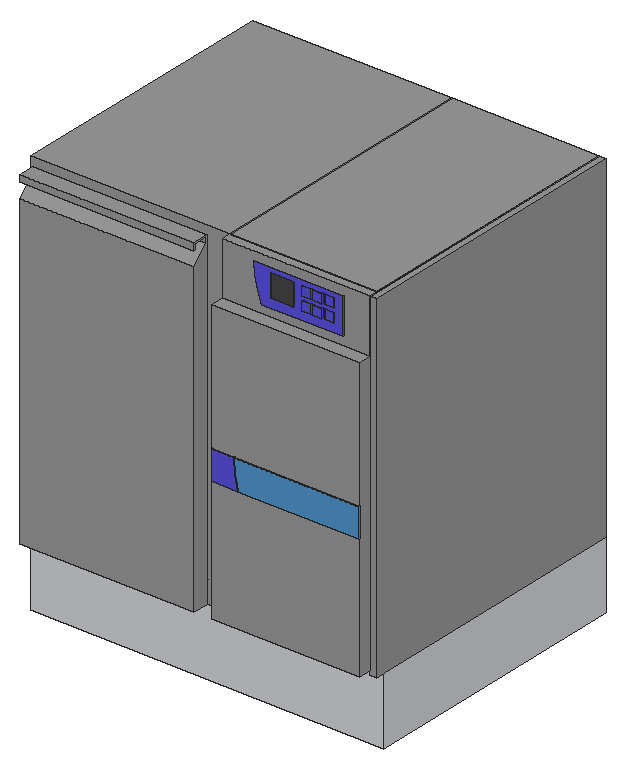
Revit family "Kühltische GN1-1 - Eigen", category Sonderausstattung, Revit 2015
Parameters (values of type "760x790 1-türig")
  Öffnungstiefe = Korpus Tiefe - Rückwand Stärke - 100 mm  # 470 mm
  Öffnungssymbol Grundriss [instance] = yes
  Watt = 440 W
  Wand unten Stärke = 50 mm  # constant formula
  Wand oben Stärke = 50 mm  # constant formula
  Versatz bei Sockel oder Füße [instance] = if(or(Sockel, Füße), 150 mm, 0 mm)  # 150 mm
  Versatz Tür zu Seitenteil = 40 mm
  Türen Stärke = 50 mm  # constant formula
  Türen Lücke = 20 mm
  Türen Höhe = Korpus Höhe - 20 mm  # 740 mm
  Türen Breite = 390 mm
  Türen Anzahl = 1
  Türen Breite halb = Türen Breite / 2  # 195 mm
  Tür_4 = no
  Tür_3 = no
  Tür_2 = no
  Tür_1 = yes
  Tür 4 [instance] = Türen 1 : 1-fach
  Tür 3 [instance] = Türen 1 : 1-fach
  Tür 2 [instance] = Türen 1 : 1-fach
  Tür 1 [instance] = Türen 1 : 1-fach
  Tiefe [instance] = if(Deckplatte, Platte Tiefe, Korpus Tiefe + Türen Stärke)  # 670 mm
  Temp. Bereich = "-2°C bis +10°C"
  Spannung = 230 V
  Sockelhöhe = 150 mm  # constant formula
  Sockel [instance] = yes
  Seitenwand Stärke = 50 mm  # constant formula
  Seitenteilwand Stärke = 15 mm  # constant formula
  Seitenteil Breite = 330 mm
  Scheinleistung = 0 VA
  Pole = 1
  Platte Tiefe = 700 mm  # constant formula
  Platte Stärke = 50 mm
  Pfosten Tiefe = 50 mm  # constant formula
  Rückwand Stärke = 50 mm  # constant formula
  Pfosten Breite = 100 mm  # constant formula
  Pfosten Anzahl = 0
  Pfosten Abstand = Türen Breite + (Türen Lücke / 2)  # 400 mm
  Pfosten 3 = no
  Pfosten 2 = no
  Pfosten 1 = no
  Material = Edelstahl AISI 304
  Kältemittel = "R290"
  Kälteleistung = "380 Watt -15°C VT/+32°C UT"
  Korpus Tiefe = Platte Tiefe - 50 mm - 30 mm  # 620 mm
  Korpus Höhe = 760 mm
  Korpus Breite = Breite - Seitenteil Breite - Seitenteilwand Stärke  # 445 mm
  Kapazität = "1 x 11 x GN1/1"
  Höhe Elektroanschluss = 150 mm
  Höhe [instance] = if(Deckplatte, Korpus Höhe + Versatz bei Sockel oder Füße + Platte Stärke, Korpus Höhe + Versatz bei Sockel oder Füße)  # 910 mm
  Füße Strg [instance] = and(Füße, not(Sockel))  # no
  Füße [instance] = no
  Energieverbrauch = "2,6 kWh/24 h"
  Deckplatte [instance] = no
  Breite = 790 mm
  Aufkantung Stärke = 6 mm
  Aufkantung Strg [instance] = and(Deckplatte, Aufkantung)  # no
  Aufkantung Höhe = 50 mm
  Aufkantung [instance] = no
  Artnr ohne Platte = "KTM 711170-76"
  Artnr mit Platte und Aufkantung = "KTM 711171-76"
  Artnr mit Platte = "KTM 711172-76"
  Artikelnr. [instance] = if(and(Deckplatte, not(Aufkantung)), Artnr mit Platte, if(and(Deckplatte, Aufkantung), Artnr mit Platte und Aufkantung, Artnr ohne Platte))  # "KTM 711170-76"
  Abstand Logo = (Korpus Höhe - 120 mm) / 2  # 320 mm
  Abstand Display seitlich = 60 mm
Types (24, lengths in mm): name | Watt | Versatz bei Sockel oder Füße | Versatz Tür zu Seitenteil | Türen Lücke | Türen Höhe | Türen Breite | Türen Anzahl | Türen Breite halb | Tür_4 | Tür_3 | Tür_2 | Tiefe | Sockel | Seitenteil Breite | Platte Stärke | Pfosten Anzahl | Pfosten Abstand | Pfosten 3 | Pfosten 2 | Pfosten 1 | Kälteleistung | Korpus Höhe | Korpus Breite | Kapazität | Höhe | Energieverbrauch | Deckplatte | Breite | Aufkantung Strg | Aufkantung Höhe | Aufkantung | Artnr ohne Platte | Artnr mit Platte und Aufkantung | Artnr mit Platte | Artikelnr. | Abstand Logo
  435x1250 2-türig | 460 W | 150 | 20 | 20 | 415 | 430 | 2 | 215 | no | no | yes | 700 | yes | 320 | 20 | 1 | 440 | no | no | yes | "380 Watt -15°C VT/+32°C UT" | 435 | 915 | "2 x 6 x GN 1/1" | 605 | "2,5 kWh/24 h" | yes | 1250 | yes | 20 | yes | "KTM 721140" | "KTM 721141" | "KTM 721142" | "KTM 721141" | 157.5
  435x1400 2-türig | 460 W | 150 | 20 | 20 | 415 | 505 | 2 | 252.5 | no | no | yes | 700 | yes | 320 | 20 | 1 | 515 | no | no | yes | "380 Watt -15°C VT/+32°C UT" | 435 | 1065 | "2 x 6 x GN 1/1" | 605 | "2,5 kWh/24 h" | yes | 1400 | yes | 20 | yes | "KTM 721140-C" | "KTM 721141-C" | "KTM 721142-C\r\nKTM 721142-C" | "KTM 721141-C" | 157.5
  435x1725 3-türig | 460 W | 150 | 25 | 30 | 415 | 430 | 3 | 215 | no | yes | yes | 700 | yes | 320 | 20 | 2 | 445 | no | yes | yes | "380 Watt -15°C VT/+32°C UT" | 435 | 1390 | "3 x 6 x GN 1/1" | 605 | "3,0 kWh/24 h" | yes | 1725 | yes | 20 | yes | "KTM 731140" | "KTM 731141" | "KTM 731142" | "KTM 731141" | 157.5
  435x1800 3-türig | 460 W | 150 | 25 | 30 | 415 | 455 | 3 | 227.5 | no | yes | yes | 700 | yes | 320 | 20 | 2 | 470 | no | yes | yes | "380 Watt -15°C VT/+32°C UT" | 435 | 1465 | "3 x 6 x GN 1/1" | 605 | "3,0 kWh/24 h" | yes | 1800 | yes | 20 | yes | "KTM 731140-C" | "KTM 731141-C" | "KTM 731142-C" | "KTM 731141-C" | 157.5
  650x790 1-türig | 440 W | 150 | 40 | 20 | 630 | 390 | 1 | 195 | no | no | no | 700 | yes | 330 | 50 | 0 | 400 | no | no | no | "380 Watt -15°C VT/+32°C UT" | 650 | 445 | "1 x 9 x GN1/1" | 850 | "2,5 kWh/24 h" | yes | 790 | yes | 50 | yes | "KTM 711160" | "KTM 711161" | "KTM 711162" | "KTM 711161" | 265
  650x1250 2-türig | 440 W | 150 | 20 | 20 | 630 | 430 | 2 | 215 | no | no | yes | 700 | yes | 320 | 50 | 1 | 440 | no | no | yes | "380 Watt -10°C VT/+32°C UT" | 650 | 915 | "2 x 9 x GN1/1" | 850 | "2,7 kWh/24 h" | yes | 1250 | yes | 50 | yes | "KTM 721160" | "KTM 721161" | "KTM 721162" | "KTM 721161" | 265
  650x1725 3-türig | 460 W | 150 | 25 | 30 | 630 | 430 | 3 | 215 | no | yes | yes | 700 | yes | 320 | 50 | 2 | 445 | no | yes | yes | "380 Watt -15°C VT/+32°C UT" | 650 | 1390 | "3 x 9 x GN1/1" | 850 | "3,2 kWh/24 h" | yes | 1725 | yes | 50 | yes | "KTM 731160" | "KTM 731161" | "KTM 731162\r\nKTM 731162" | "KTM 731161" | 265
  650x2195 4-türig | 480 W | 0 | 35 | 30 | 630 | 430 | 4 | 215 | yes | yes | yes | 700 | no | 320 | 50 | 3 | 445 | yes | yes | yes | "380 Watt -15°C VT/+32°C UT" | 650 | 1860 | "4 x 9 x GN1/1" | 700 | "3,5 kWh/24 h" | yes | 2195 | yes | 50 | yes | "KTM 741160" | "KTM 741161" | "KTM 741162" | "KTM 741161" | 265
  700x790 1-türig | 440 W | 150 | 40 | 20 | 680 | 390 | 1 | 195 | no | no | no | 700 | yes | 330 | 50 | 0 | 400 | no | no | no | "380 Watt -15°C VT/+32°C UT" | 700 | 445 | "1 x 10 x GN1/1" | 900 | "2,55 kWh/24 h" | yes | 790 | yes | 50 | yes | "KTM 711170-70" | "KTM 711171-70" | "KTM 711172-70" | "KTM 711171-70" | 290
  700x1250 2-türig | 440 W | 150 | 20 | 20 | 680 | 430 | 2 | 215 | no | no | yes | 700 | yes | 320 | 50 | 1 | 440 | no | no | yes | "380 Watt -10°C VT/+32°C UT" | 700 | 915 | "2 x 10 x GN1/1" | 900 | "2,75 kWh/24 h" | yes | 1250 | yes | 50 | yes | "KTM 721170-70" | "KTM 721171-70" | "KTM 721172-70" | "KTM 721171-70" | 290
  700x1725 3-türig | 460 W | 150 | 25 | 30 | 680 | 430 | 3 | 215 | no | yes | yes | 700 | yes | 320 | 50 | 2 | 445 | no | yes | yes | "380 Watt -15°C VT/+32°C UT" | 700 | 1390 | "3 x 10 x GN1/1" | 900 | "3,25 kWh/24 h" | yes | 1725 | yes | 50 | yes | "KTM 731170-70" | "KTM 731171-70" | "KTM 731172-70" | "KTM 731171-70" | 290
  700x2195 4-türig | 480 W | 150 | 35 | 30 | 680 | 430 | 4 | 215 | yes | yes | yes | 700 | yes | 320 | 50 | 3 | 445 | yes | yes | yes | "380 Watt -15°C VT/+32°C UT" | 700 | 1860 | "4 x 10 x GN1/1" | 900 | "3,55 kWh/24 h" | yes | 2195 | yes | 50 | yes | "KTM 741170-70" | "KTM 741171-70" | "KTM 741172-70" | "KTM 741171-70" | 290
  710x790 1-türig | 440 W | 150 | 40 | 20 | 690 | 390 | 1 | 195 | no | no | no | 670 | yes | 330 | 50 | 0 | 400 | no | no | no | "380 Watt -15°C VT/+32°C UT" | 710 | 445 | "1 x 10 x GN1/1" | 860 | "2,55 kWh/24 h" | no | 790 | no | 50 | no | "KTM 711170-71" | "KTM 711171-71" | "KTM 711172-71" | "KTM 711170-71" | 295
  710x1250 2-türig | 440 W | 150 | 20 | 20 | 690 | 430 | 2 | 215 | no | no | yes | 670 | yes | 320 | 50 | 1 | 440 | no | no | yes | "380 Watt -10°C VT/+32°C UT" | 710 | 915 | "2 x 10 x GN1/1" | 860 | "2,75 kWh/24 h" | no | 1250 | no | 50 | no | "KTM 721170-71" | "KTM 721171-71" | "KTM 721172-71" | "KTM 721170-71" | 295
  710x1725 3-türig | 460 W | 150 | 25 | 30 | 690 | 430 | 3 | 215 | no | yes | yes | 670 | yes | 320 | 50 | 2 | 445 | no | yes | yes | "380 Watt -15°C VT/+32°C UT" | 710 | 1390 | "3 x 10 x GN1/1" | 860 | "3,25 kWh/24 h" | no | 1725 | no | 50 | no | "KTM 731170-71" | "KTM 731171-71" | "KTM 731172-71" | "KTM 731170-71" | 295
  710x2195 4-türig | 480 W | 150 | 35 | 30 | 690 | 430 | 4 | 215 | yes | yes | yes | 670 | yes | 320 | 50 | 3 | 445 | yes | yes | yes | "380 Watt -15°C VT/+32°C UT" | 710 | 1860 | "4 x 10 x GN1/1" | 860 | "3,55 kWh/24 h" | no | 2195 | no | 50 | no | "KTM 741170-71" | "KTM 741171-71" | "KTM 741172-71" | "KTM 741170-71" | 295
  750x2195 4-türig | 480 W | 150 | 35 | 30 | 730 | 430 | 4 | 215 | yes | yes | yes | 700 | yes | 320 | 50 | 3 | 445 | yes | yes | yes | "380 Watt -15°C VT/+32°C UT" | 750 | 1860 | "4 x 11 x GN1/1" | 950 | "3,6 kWh/24 h" | yes | 2195 | yes | 50 | yes | "KTM 741170" | "KTM 741171" | "KTM 741172" | "KTM 741171" | 315
  750x790 1-türig | 440 W | 150 | 40 | 20 | 730 | 390 | 1 | 195 | no | no | no | 700 | yes | 330 | 50 | 0 | 400 | no | no | no | "380 Watt -15°C VT/+32°C UT" | 750 | 445 | "1 x 11 x GN1/1" | 950 | "2,6 kWh/24 h" | yes | 790 | yes | 50 | yes | "KTM 711170" | "KTM 711171" | "KTM 711172" | "KTM 711171" | 315
  750x1725 3-türig | 460 W | 150 | 25 | 30 | 730 | 430 | 3 | 215 | no | yes | yes | 700 | yes | 320 | 50 | 2 | 445 | no | yes | yes | "380 Watt -15°C VT/+32°C UT" | 750 | 1390 | "3 x 11 x GN1/1" | 950 | "3,3 kWh/24 h" | yes | 1725 | yes | 50 | yes | "KTM 731170" | "KTM 731171" | "KTM 731172" | "KTM 731171" | 315
  750x1250 2-türig | 440 W | 150 | 20 | 20 | 730 | 430 | 2 | 215 | no | no | yes | 700 | yes | 320 | 50 | 1 | 440 | no | no | yes | "380 Watt -10°C VT/+32°C UT" | 750 | 915 | "2 x 11 x GN1/1" | 950 | "2,8 kWh/24 h" | yes | 1250 | yes | 50 | yes | "KTM 721170" | "KTM 721171" | "KTM 721172" | "KTM 721171" | 315
  760x790 1-türig | 440 W | 150 | 40 | 20 | 740 | 390 | 1 | 195 | no | no | no | 670 | yes | 330 | 50 | 0 | 400 | no | no | no | "380 Watt -15°C VT/+32°C UT" | 760 | 445 | "1 x 11 x GN1/1" | 910 | "2,6 kWh/24 h" | no | 790 | no | 50 | no | "KTM 711170-76" | "KTM 711171-76" | "KTM 711172-76" | "KTM 711170-76" | 320
  760x1250 2-türig | 440 W | 150 | 20 | 20 | 740 | 430 | 2 | 215 | no | no | yes | 670 | yes | 320 | 50 | 1 | 440 | no | no | yes | "380 Watt -10°C VT/+32°C UT" | 760 | 915 | "2 x 11 x GN1/1" | 910 | "2,8 kWh/24 h" | no | 1250 | no | 50 | no | "KTM 721170-76" | "KTM 721171-76" | "KTM 721172-76" | "KTM 721170-76" | 320
  760x1725 3-türig | 460 W | 150 | 25 | 30 | 740 | 430 | 3 | 215 | no | yes | yes | 670 | yes | 320 | 50 | 2 | 445 | no | yes | yes | "380 Watt -15°C VT/+32°C UT" | 760 | 1390 | "3 x 11 x GN1/1" | 910 | "3,3 kWh/24 h" | no | 1725 | no | 50 | no | "KTM 731170-76" | "KTM 731171-76" | "KTM 731172-76" | "KTM 731170-76" | 320
  760x2195 4-türig | 480 W | 150 | 35 | 30 | 740 | 430 | 4 | 215 | yes | yes | yes | 670 | yes | 320 | 50 | 3 | 445 | yes | yes | yes | "380 Watt -15°C VT/+32°C UT" | 760 | 1860 | "4 x 11 x GN1/1" | 910 | "3,6 kWh/24 h" | no | 2195 | no | 50 | no | "KTM 741170-76" | "KTM 741171-76" | "KTM 741172-76" | "KTM 741170-76" | 320
Reference planes
  plane 1 "Mitte (Vorne/Hinten)": y = 0
  plane 2: z = 0
  plane 3 "Mitte (Links/Rechts)": x = 0
  plane 4: x = -15
  plane 5: x = -345
  plane 6: x = -395
  plane 7: x = -735
  plane 8: x = -785
  plane 9: x = -835
  plane 10: x = -1145
  plane 11: x = -1195
  plane 12: x = -1245
  plane 13: x = -1555
  plane 14: x = -1605
  plane 15: x = -1655
  plane 16: x = -740
  plane 17 "SR": x = -790
  plane 18: y = -50
  plane 19: y = -570
  plane 20: y = -620
  plane 21 "Korpus unten": z = 150
  plane 22: z = 200
  plane 23: z = 860
  plane 24: z = 910
  plane 25: z = 960
  plane 26: z = 1010
  plane 27: z = 150
  plane 28 "Türen": z = 160
  plane 29: z = 790
  plane 30: y = -15
  plane 31: y = -700
  plane 32: x = -775
  plane 33: x = -385
  plane 34: y = -6
  plane 35: x = -1810
  plane 36: x = -1400
  plane 37: x = -990
  plane 38: x = -580
  plane 39 "Display": y = -640
  plane 40 "Logo": y = -670
  plane 41: x = -228
  plane 42: y = -120
  plane 43: z = 502.5
  plane 44: z = 437.5
  plane 45: z = 470
  plane 46: x = -775
  plane 47: x = -1185
  plane 48: x = -1595
  plane 49: x = -795
  plane 50: x = -1205
  plane 51: x = -1615
  plane 52: x = -710
  plane 53: y = -80
  plane 54: y = -578
  plane 55: x = -373
  plane 56 "Elektro": z = 150
Forms (mm)
  Extrusion 1, solid, material "Edelstahl AISI 304" <- "Material", visible <- "Pfosten 3", detail levels fine
    sketch origin (0, 0, 0) x (1, 0, 0) y (0, 1, 0)
      loop
        line (-1655, -570) -> (-1655, -620) -> (-1555, -620) -> (-1555, -570) -> (-1655, -570)
    from 200 to 860
  Extrusion 2, solid, material "Edelstahl AISI 304" <- "Material", visible <- "Pfosten 2", detail levels fine
    sketch origin (0, 0, 0) x (1, 0, 0) y (0, 1, 0)
      loop
        line (-1245, -620) -> (-1145, -620) -> (-1145, -570) -> (-1245, -570) -> (-1245, -620)
    from 200 to 860
  Extrusion 3, solid, material "Edelstahl AISI 304" <- "Material", visible <- "Pfosten 1", detail levels fine
    sketch origin (0, 0, 0) x (1, 0, 0) y (0, 1, 0)
      loop
        line (-835, -620) -> (-735, -620) -> (-735, -570) -> (-835, -570) -> (-835, -620)
    from 200 to 860
  Extrusion 4, solid, material "Edelstahl AISI 304" <- "Material", detail levels fine
    sketch origin (0, 0, 0) x (1, 0, 0) y (0, 0, 1)
      loop
        line (-345, 150) -> (-345, 910) -> (-790, 910) -> (-790, 150) -> (-345, 150)
      loop
        line (-740, 860) -> (-740, 200) -> (-395, 200) -> (-395, 860) -> (-740, 860)
    from 0 to 620
  Extrusion 5, solid, material "Edelstahl AISI 304" <- "Material", detail levels fine
    sketch origin (0, 0, 0) x (1, 0, 0) y (0, 0, 1)
      loop
        line (-740, 860) -> (-740, 200) -> (-395, 200) -> (-395, 860) -> (-740, 860)
    from 0 to 50
  Extrusion 6, solid, material "Edelstahl AISI 304" <- "Material", visible <- "Füße Strg", detail levels medium+fine
    sketch origin (0, 0, 0) x (1, 0, 0) y (0, 1, 0)
      loop
        circle (-710, -80) r 20
      loop
        circle (-710, -578) r 20
      loop
        circle (-373, -578) r 20
      loop
        circle (-373, -80) r 20
    from 0 to 150
  Extrusion 7, solid, visible <- "Sockel", detail levels medium+fine
    sketch origin (0, 0, 0) x (1, 0, 0) y (0, 1, 0)
      loop
        line (-790, 0) -> (-790, -620) -> (0, -620) -> (0, 0) -> (-790, 0)
    from 0 to 150
  Extrusion 8, solid, material "Edelstahl AISI 304" <- "Material", detail levels medium+fine
    sketch origin (0, 0, 0) x (1, 0, 0) y (0, 1, 0)
      loop
        line (-345, 0) -> (-345, -620) -> (-15, -620) -> (-15, 0) -> (-345, 0)
    from 150 to 910
  Extrusion 9, solid, material "Edelstahl AISI 304" <- "Material", detail levels medium+fine
    sketch origin (0, 0, 0) x (1, 0, 0) y (0, 1, 0)
      loop
        line (-15, 0) -> (-15, -640) -> (0, -640) -> (0, 0) -> (-15, 0)
    from 150 to 910
  Extrusion 10, solid, material "Edelstahl AISI 304" <- "Material", visible <- "Deckplatte", detail levels medium+fine
    sketch origin (0, 0, 0) x (1, 0, 0) y (0, 1, 0)
      loop
        line (-790, 0) -> (-790, -700) -> (0, -700) -> (0, 0) -> (-790, 0)
    from 910 to 960
  Extrusion 11, solid, material "Edelstahl AISI 304" <- "Material", visible <- "Aufkantung Strg", detail levels fine
    sketch origin (0, 0, 0) x (1, 0, 0) y (0, 1, 0)
      loop
        line (-790, 0) -> (-790, -6) -> (0, -6) -> (0, 0) -> (-790, 0)
    from 960 to 1010
  Extrusion 12, solid, material "Edelstahl AISI 304" <- "Material", detail levels medium+fine
    sketch origin (0, 0, 0) x (1, 0, 0) y (0, 0, 1)
      loop
        line (-15, 160) -> (-15, 790) -> (-345, 790) -> (-345, 160) -> (-15, 160)
    from 620 to 670
  Extrusion 13, solid, material "Edelstahl AISI 304" <- "Material", detail levels medium+fine
    sketch origin (0, 0, 0) x (1, 0, 0) y (0, 0, 1)
      loop
        line (-345, 910) -> (-345, 790) -> (-15, 790) -> (-15, 910) -> (-345, 910)
    from 620 to 640
  Extrusion 14, solid, material "Logo Blau Dunkel", detail levels fine
    sketch origin (0, -640, 0) x (-1, 0, 0) y (0, 0, 1)
      loop
        line (275, 890) -> (75, 890) -> (75, 810) -> (255, 810)
        arc (255, 810) -> (269.844, 848.789) -> (275, 890) r 172.745
      loop
        line (235, 880) -> (185, 880) -> (185, 830) -> (235, 830) -> (235, 880)
      loop
        line (165, 880) -> (145, 880) -> (145, 860) -> (165, 860) -> (165, 880)
      loop
        line (140, 880) -> (120, 880) -> (120, 860) -> (140, 860) -> (140, 880)
      loop
        line (115, 880) -> (95, 880) -> (95, 860) -> (115, 860) -> (115, 880)
      loop
        line (165, 830) -> (165, 850) -> (145, 850) -> (145, 830) -> (165, 830)
      loop
        line (140, 830) -> (140, 850) -> (120, 850) -> (120, 830) -> (140, 830)
      loop
        line (115, 830) -> (115, 850) -> (95, 850) -> (95, 830) -> (115, 830)
    from 0 to -2
  Extrusion 15, solid, material "Logo Blau Hell", detail levels fine
    sketch origin (0, -670, 0) x (-1, 0, 0) y (0, 0, 1)
      loop
        line (295, 502.5) -> (15, 502.5) -> (15, 437.5) -> (285, 437.5)
        arc (285, 437.5) -> (292.724, 469.581) -> (295, 502.5) r 197.504
    from 0 to -2
  Extrusion 16, solid, material "Logo Blau Dunkel", detail levels fine
    sketch origin (0, -670, 0) x (-1, 0, 0) y (0, 0, 1)
      loop
        line (285, 437.5) -> (345, 437.5) -> (345, 502.5) -> (295, 502.5)
        arc (295, 502.5) -> (292.724, 469.581) -> (285, 437.5) r 197.504
    from 0 to -2
  Extrusion 17, solid, not visible
    sketch origin (0, 0, 150) x (0, -1, 0) y (1, 0, 0)
      loop
        circle (120, -228) r 20
    from 0 to 2
  Extrusion 18, solid, material "Display", detail levels fine
    sketch origin (0, -640, 0) x (-1, 0, 0) y (0, 0, 1)
      loop
        line (235, 880) -> (185, 880) -> (185, 830) -> (235, 830) -> (235, 880)
    from 0 to -2
  Extrusion 19, solid, material "Knöpfe", detail levels fine
    sketch origin (0, -640, 0) x (-1, 0, 0) y (0, 0, 1)
      loop
        line (165, 880) -> (145, 880) -> (145, 860) -> (165, 860) -> (165, 880)
      loop
        line (165, 850) -> (145, 850) -> (145, 830) -> (165, 830) -> (165, 850)
      loop
        line (140, 830) -> (140, 850) -> (120, 850) -> (120, 830) -> (140, 830)
      loop
        line (140, 860) -> (140, 880) -> (120, 880) -> (120, 860) -> (140, 860)
      loop
        line (115, 880) -> (95, 880) -> (95, 860) -> (115, 860) -> (115, 880)
      loop
        line (115, 850) -> (95, 850) -> (95, 830) -> (115, 830) -> (115, 850)
    from 0 to -3
  Extrusion 20, solid, material "Edelstahl AISI 304" <- "Material", detail levels medium
    sketch origin (0, 0, 150) x (-1, 0, 0) y (0, -1, 0)
      loop
        line (790, 0) -> (790, 620) -> (345, 620) -> (345, 0) -> (790, 0)
    from 760 to -2
  Extrusion 21, solid, material "Edelstahl AISI 304" <- "Material", detail levels coarse
    sketch origin (0, 0, 0) x (1, 0, 0) y (0, 1, 0)
      loop
        line (-790, 0) -> (-790, -700) -> (0, -700) -> (0, 0) -> (-790, 0)
    from 960 to -2
Dimensions and locks
  "Rückwand Stärke": plane 18 to plane 1 "Mitte (Vorne/Hinten)"
  "Pfosten Tiefe": plane 19 to plane 20
  "Korpus Tiefe": plane 20 to plane 1 "Mitte (Vorne/Hinten)"
  "Seitenwand Stärke": plane 5 to plane 6
  "Seitenwand Stärke": plane 16 to plane 17 "SR"
  "Seitenteilwand Stärke": plane 3 "Mitte (Links/Rechts)" to plane 4
  "Seitenteil Breite": plane 4 to plane 5
  "Breite": plane 3 "Mitte (Links/Rechts)" to plane 17 "SR"
  "Wand unten Stärke": plane 22 to plane 21 "Korpus unten"
  "Aufkantung Höhe": plane 26 to plane 25
  "Platte Stärke": plane 25 to plane 24
  "Wand oben Stärke": plane 24 to plane 23
  "Korpus Höhe": plane 24 to plane 21 "Korpus unten"
  "Versatz bei Sockel oder Füße": plane 21 "Korpus unten" to level
  "Sockelhöhe": plane 27 to level
  locked: plane 28 "Türen" to plane 21 "Korpus unten" at 10
  locked: plane 24 to plane 29 at 120
  "Seitenteilwand Stärke": plane 30 to plane 1 "Mitte (Vorne/Hinten)"
  "Platte Tiefe": plane 31 to plane 1 "Mitte (Vorne/Hinten)"
  locked: plane 32 to plane 17 "SR" at 15
  "Versatz Tür zu Seitenteil": plane 5 to plane 33
  "Aufkantung Stärke": plane 34 to plane 1 "Mitte (Vorne/Hinten)"
  locked: plane 20 to plane 39 "Display" at 20
  "Türen Stärke": plane 20 to plane 40 "Logo"
  locked: plane 41 to plane 3 "Mitte (Links/Rechts)" at 228
  locked: plane 24 to Extrusion 14 sketch curve at 20
  locked: Extrusion 14 sketch curve to plane 29 at 20
  locked: Extrusion 14 sketch curve to Extrusion 14 sketch curve at 10
  locked: Extrusion 14 sketch curve to Extrusion 14 sketch curve at 20  (x3)
  locked: plane 43 to plane 44 at 65
  "Abstand Logo": plane 29 to plane 45
  locked: Extrusion 15 sketch curve to plane 5 at 50
  locked: Extrusion 15 sketch curve to plane 5 at 60
  equal spacing: plane 43, plane 45, plane 44
  plane 29 to plane 43 = 287.5 mm
  "Türen Breite halb": plane 33 to plane 38
  "Türen Lücke": plane 46 to plane 49
  "Türen Lücke": plane 47 to plane 50
  "Türen Lücke": plane 48 to plane 51
  "Türen Breite halb": plane 49 to plane 37
  "Türen Breite halb": plane 50 to plane 36
  "Türen Breite halb": plane 51 to plane 35
  "Türen Breite": plane 33 to plane 46
  "Türen Breite": plane 49 to plane 47
  "Türen Breite": plane 50 to plane 48
  equal spacing: plane 7, plane 8, plane 9
  equal spacing: plane 10, plane 11, plane 12
  equal spacing: plane 13, plane 14, plane 15
  "Pfosten Breite": plane 13 to plane 15
  "Pfosten Breite": plane 10 to plane 12
  "Pfosten Breite": plane 7 to plane 9
  "Pfosten Abstand": plane 33 to plane 8
  "Pfosten Abstand": plane 49 to plane 11
  "Pfosten Abstand": plane 50 to plane 14
  "Abstand Display seitlich": plane 4 to Extrusion 14 sketch curve
  locked: Extrusion 14 sketch curve to Extrusion 14 sketch curve at 200
  locked: Extrusion 14 sketch curve to Extrusion 14 sketch curve at 180
  Extrusion 14 sketch curve to Extrusion 14 sketch curve to Extrusion 14 sketch curve to Extrusion 14 sketch curve to Extrusion 14 sketch curve to Extrusion 14 sketch curve to Extrusion 14 sketch curve to Extrusion 14 sketch curve to Extrusion 14 sketch curve = 50 mm locked, 20 mm locked, 20 mm locked, 5 mm locked, 20 mm locked, 5 mm locked, 20 mm locked, 20 mm locked
  locked: plane 42 to plane 1 "Mitte (Vorne/Hinten)" at 120
  locked: plane 17 "SR" to plane 52 at 80
  locked: plane 53 to plane 1 "Mitte (Vorne/Hinten)" at 80
  locked: plane 54 to plane 20 at 42
  locked: plane 55 to plane 3 "Mitte (Links/Rechts)" at 373
  "Höhe Elektroanschluss": plane 56 "Elektro" to level
  aligned and locked: level to plane 2
  aligned and locked: plane 23 to Extrusion 3
  aligned and locked: plane 23 to Extrusion 1
  aligned and locked: plane 23 to Extrusion 2
  aligned and locked: Extrusion 4 to plane 20
  aligned and locked: Extrusion 3 to plane 22
  aligned and locked: Extrusion 2 to plane 22
  aligned and locked: Extrusion 1 to plane 22
  aligned and locked: Extrusion 5 to plane 18
  aligned and locked: plane 27 to Extrusion 6
  aligned and locked: plane 27 to Extrusion 7
  aligned and locked: plane 24 to Extrusion 8
  aligned and locked: Extrusion 8 to plane 21 "Korpus unten"
  aligned and locked: plane 24 to Extrusion 9
  aligned and locked: Extrusion 9 to plane 21 "Korpus unten"
  aligned and locked: plane 25 to Extrusion 10
  aligned and locked: Extrusion 10 to plane 24
  aligned and locked: plane 26 to Extrusion 11
  aligned and locked: Extrusion 11 to plane 25
  aligned and locked: plane 20 to Extrusion 12
  aligned and locked: plane 20 to Extrusion 13
  aligned and locked: Extrusion 13 to plane 39 "Display"
  aligned and locked: plane 39 "Display" to Extrusion 9 sketch curve
  aligned and locked: plane 4 to Extrusion 9 sketch curve
  aligned and locked: Extrusion 9 sketch curve to plane 3 "Mitte (Links/Rechts)"
  aligned and locked: plane 1 "Mitte (Vorne/Hinten)" to Extrusion 9 sketch curve
  aligned and locked: plane 35 to nested 4
  aligned and locked: nested 3 to plane 36
  aligned and locked: plane 37 to nested 2
  aligned and locked: plane 38 to nested 1
  aligned and locked: nested 1 to plane 28 "Türen"
  aligned and locked: nested 2 to plane 28 "Türen"
  aligned and locked: nested 3 to plane 28 "Türen"
  aligned and locked: nested 4 to plane 28 "Türen"
  aligned and locked: nested 4 to plane 20
  aligned and locked: nested 3 to plane 20
  aligned and locked: nested 2 to plane 20
  aligned and locked: nested 1 to plane 20
  aligned and locked: plane 28 "Türen" to Extrusion 12 sketch curve
  aligned and locked: plane 5 to Extrusion 12 sketch curve
  aligned and locked: Extrusion 12 sketch curve to plane 4
  aligned and locked: plane 29 to Extrusion 12 sketch curve
  aligned and locked: Extrusion 11 sketch curve to plane 34
  aligned and locked: nested 1 to Extrusion 12
  aligned and locked: Extrusion 14 sketch curve to Extrusion 14 sketch curve  (x16)
  aligned and locked: Extrusion 15 sketch curve to plane 4
  aligned and locked: Extrusion 16 sketch curve to Extrusion 15
  aligned and locked: plane 44 to Extrusion 16 sketch curve
  aligned and locked: plane 43 to Extrusion 16 sketch curve
  aligned and locked: plane 5 to Extrusion 16 sketch curve
  aligned and locked: Extrusion 18 sketch curve to Extrusion 14  (x4)
  aligned and locked: Extrusion 19 sketch curve to Extrusion 14  (x24)
  aligned and locked: plane 24 to Extrusion 20
  aligned and locked: plane 25 to Extrusion 21
  aligned and locked: plane 20 to Extrusion 20 sketch curve
  aligned and locked: Extrusion 20 sketch curve to plane 5
  aligned and locked: plane 1 "Mitte (Vorne/Hinten)" to Extrusion 20 sketch curve
  aligned and locked: plane 17 "SR" to Extrusion 20 sketch curve
Automatic sketch dimensions
  Extrusion 10 sketch curve to plane 17 "SR" = 0 mm
  Extrusion 10 sketch curve to plane 3 "Mitte (Links/Rechts)" = 0 mm
  Extrusion 10 sketch curve to plane 31 = 0 mm
  plane 1 "Mitte (Vorne/Hinten)" to Extrusion 10 sketch curve = 0 mm
  Extrusion 11 sketch curve to plane 17 "SR" = 0 mm
  Extrusion 11 sketch curve to plane 3 "Mitte (Links/Rechts)" = 0 mm
  plane 1 "Mitte (Vorne/Hinten)" to Extrusion 11 sketch curve = 0 mm
  Extrusion 15 sketch curve to plane 44 = 0 mm
  Extrusion 15 sketch curve to plane 43 = 0 mm
  Extrusion 15 sketch curve to plane 43 = 2.887 mm
  Extrusion 1 sketch curve to plane 15 = 0 mm
  Extrusion 1 sketch curve to plane 13 = 0 mm
  Extrusion 1 sketch curve to plane 20 = 0 mm
  Extrusion 1 sketch curve to plane 19 = 0 mm
  Extrusion 2 sketch curve to plane 12 = 0 mm
  Extrusion 2 sketch curve to plane 10 = 0 mm
  Extrusion 2 sketch curve to plane 20 = 0 mm
  Extrusion 2 sketch curve to plane 19 = 0 mm
  Extrusion 3 sketch curve to plane 9 = 0 mm
  Extrusion 3 sketch curve to plane 7 = 0 mm
  Extrusion 3 sketch curve to plane 20 = 0 mm
  Extrusion 3 sketch curve to plane 19 = 0 mm
  Extrusion 4 sketch curve to plane 17 "SR" = 0 mm
  Extrusion 4 sketch curve to plane 16 = 0 mm
  Extrusion 4 sketch curve to plane 6 = 0 mm
  Extrusion 4 sketch curve to plane 5 = 0 mm
  Extrusion 4 sketch curve to plane 21 "Korpus unten" = 0 mm
  Extrusion 4 sketch curve to plane 22 = 0 mm
  Extrusion 4 sketch curve to plane 23 = 0 mm
  Extrusion 4 sketch curve to plane 24 = 0 mm
  Extrusion 5 sketch curve to plane 16 = 0 mm
  Extrusion 5 sketch curve to plane 6 = 0 mm
  Extrusion 5 sketch curve to plane 22 = 0 mm
  Extrusion 5 sketch curve to plane 23 = 0 mm
  Extrusion 7 sketch curve to plane 17 "SR" = 0 mm
  Extrusion 7 sketch curve to plane 3 "Mitte (Links/Rechts)" = 0 mm
  Extrusion 7 sketch curve to plane 20 = 0 mm
  plane 1 "Mitte (Vorne/Hinten)" to Extrusion 7 sketch curve = 0 mm
  Extrusion 8 sketch curve to plane 5 = 0 mm
  Extrusion 8 sketch curve to plane 4 = 0 mm
  Extrusion 8 sketch curve to plane 20 = 0 mm
  plane 1 "Mitte (Vorne/Hinten)" to Extrusion 8 sketch curve = 0 mm
  Extrusion 13 sketch curve to plane 5 = 0 mm
  Extrusion 13 sketch curve to plane 4 = 0 mm
  Extrusion 13 sketch curve to plane 29 = 0 mm
  Extrusion 13 sketch curve to plane 24 = 0 mm
  Extrusion 6 sketch curve to plane 52 = 0 mm  (x2)
  plane 53 to Extrusion 6 sketch curve = 0 mm  (x2)
  Extrusion 6 sketch curve to plane 55 = 0 mm  (x2)
  Extrusion 6 sketch curve to plane 54 = 0 mm  (x2)
  Extrusion 17 sketch curve to plane 41 = 0 mm
  Extrusion 17 sketch curve to plane 42 = 0 mm
  Extrusion 21 sketch curve to plane 17 "SR" = 0 mm
  Extrusion 21 sketch curve to plane 3 "Mitte (Links/Rechts)" = 0 mm
  Extrusion 21 sketch curve to plane 31 = 0 mm
  plane 1 "Mitte (Vorne/Hinten)" to Extrusion 21 sketch curve = 0 mm
  Extrusion 14 sketch curve to Extrusion 14 sketch curve = 7.257 mm
  radius of Extrusion 6 sketch curve = 20 mm  (x4)
  radius of Extrusion 17 sketch curve = 20 mm
Nested families
  nested 1: "Türen 1" at (-580, -620, 160), Tür Höhe <- "Türen Höhe", Tür Breite <- "Türen Breite", visible <- "Tür_1", type <- "Tür 1", type "1-fach"
    with Tür Höhe 3 von 3 239.667 mm, Tür Höhe 2 von 3 239.667 mm, Tür Höhe 2 von 2 ungleich 490.333 mm, Tür Höhe 2 von 2 gleich 365 mm, Tür Höhe 1 von 3 239.667 mm, Tür Höhe 1 von 2 ungleich 239.667 mm, Tür Höhe 1 von 2 gleich 365 mm, Tür Höhe 740 mm, Tür Breite 390 mm, Lücke 2 10 mm, Lücke 1 10.5 mm, Öffnungstiefe 470 mm
  nested 2: "Türen 1" at (-990, -620, 160), Tür Höhe <- "Türen Höhe", Tür Breite <- "Türen Breite", visible <- "Tür_2", type <- "Tür 2", type "1-fach"
    with Tür Höhe 3 von 3 239.667 mm, Tür Höhe 2 von 3 239.667 mm, Tür Höhe 2 von 2 ungleich 490.333 mm, Tür Höhe 2 von 2 gleich 365 mm, Tür Höhe 1 von 3 239.667 mm, Tür Höhe 1 von 2 ungleich 239.667 mm, Tür Höhe 1 von 2 gleich 365 mm, Tür Höhe 740 mm, Tür Breite 390 mm, Lücke 2 10 mm, Lücke 1 10.5 mm, Öffnungstiefe 470 mm
  nested 3: "Türen 1" at (-1400, -620, 160), Tür Höhe <- "Türen Höhe", Tür Breite <- "Türen Breite", visible <- "Tür_3", type <- "Tür 3", type "1-fach"
    with Tür Höhe 3 von 3 239.667 mm, Tür Höhe 2 von 3 239.667 mm, Tür Höhe 2 von 2 ungleich 490.333 mm, Tür Höhe 2 von 2 gleich 365 mm, Tür Höhe 1 von 3 239.667 mm, Tür Höhe 1 von 2 ungleich 239.667 mm, Tür Höhe 1 von 2 gleich 365 mm, Tür Höhe 740 mm, Tür Breite 390 mm, Lücke 2 10 mm, Lücke 1 10.5 mm, Öffnungstiefe 470 mm
  nested 4: "Türen 1" at (-1810, -620, 160), Tür Höhe <- "Türen Höhe", Tür Breite <- "Türen Breite", type <- "Tür 4", visible <- "Tür_4", type "1-fach"
    with Tür Höhe 3 von 3 239.667 mm, Tür Höhe 2 von 3 239.667 mm, Tür Höhe 2 von 2 ungleich 490.333 mm, Tür Höhe 2 von 2 gleich 365 mm, Tür Höhe 1 von 3 239.667 mm, Tür Höhe 1 von 2 ungleich 239.667 mm, Tür Höhe 1 von 2 gleich 365 mm, Tür Höhe 740 mm, Tür Breite 390 mm, Lücke 2 10 mm, Lücke 1 10.5 mm, Öffnungstiefe 470 mm
Connectors
  electrical at (-228, -120, 150), driven by "Spannung", driven by "Scheinleistung", driven by "Pole"
    settings: on Extrusion 17, index 1, voltage 230 V, apparent load 0 VA, apparent load phase1 0 VA, apparent load phase2 0 VA, apparent load phase3 0 VA, power factor 1, load classification "Sonstige", number of poles 1, system type 31, power factor state 1, is connector primary yes, connector utility no, sub classification motor no, connector description ""
Definition of nested family "Türen 1"
  Parameters (values of type "1-fach")
    Öffnungstiefe = 375.348 mm
    Öffnungssymbol Grundriss = yes
    Türflügel Stärke = 35 mm
    Tür Stärke = 50 mm
    Tür Höhe 2 von 2 ungleich [instance] = Tür Höhe - Tür Höhe 1 von 2 ungleich - 10 mm  # 417 mm
    Tür Höhe 2 von 2 gleich [instance] = (Tür Höhe - Lücke 2) / 2  # 309.75 mm
    Tür Höhe 1 von 2 ungleich [instance] = (Tür Höhe - (Lücke 1 * 2)) / 3  # 203 mm
    Tür Höhe 1 von 2 gleich [instance] = (Tür Höhe - Lücke 2) / 2  # 309.75 mm
    Tür Höhe [instance] = 630 mm
    Tür Breite [instance] = 430 mm
    Tür Höhe 3 von 3 [instance] = (Tür Höhe - (Lücke 1 * 2)) / 3  # 203 mm
    Tür Höhe 2 von 3 [instance] = (Tür Höhe - (Lücke 1 * 2)) / 3  # 203 mm
    Tür Höhe 1 von 3 [instance] = (Tür Höhe - (Lücke 1 * 2)) / 3  # 203 mm
    Material = none
    Lücke 2 [instance] = 10.5 mm
    Lücke 1 [instance] = 10.5 mm
    Dichtung Stärke = Tür Stärke - Türflügel Stärke  # 15 mm
    3-fach = no
    2-fach ungleich = no
    2-fach gleich = no
    1-fach = yes
  Types (4, lengths in mm): name | Tür Höhe 2 von 2 gleich | Tür Höhe 1 von 2 gleich | Lücke 2 | 3-fach | 2-fach ungleich | 2-fach gleich | 1-fach
    3-fach gleich | 310 | 310 | 10 | yes | no | no | no
    2-fach ungleich | 310 | 310 | 10 | no | yes | no | no
    2-fach gleich | 310 | 310 | 10 | no | no | yes | no
    1-fach | 309.75 | 309.75 | 10.5 | no | no | no | yes
  Reference planes
    plane 1 "Mitte (Vorne/Hinten)": y = 0
    plane 2: z = 0
    plane 3 "Mitte (Links/Rechts)": x = 0
    plane 4: x = 215
    plane 5: x = -215
    plane 6: y = -50
    plane 7: y = -15
    plane 8: z = 630
    plane 9: z = 417
    plane 10: z = 427
    plane 11: z = 320.25
    plane 12: z = 309.75
    plane 13: z = 427
    plane 14: z = 416.5
    plane 15: z = 213.5
    plane 16: z = 203
    plane 17: y = -425.348
  Forms (mm)
    Extrusion 1, solid, material <- "Material", visible <- "1-fach", detail levels fine
      sketch origin (0, 0, 0) x (0, 1, 0) y (0, 0, 1)
        loop
          line (-50, 0) -> (-15, 0) -> (-15, 630) -> (-50, 630) -> (-50, 615) -> (-48, 615) -> (-48, 628) -> (-17, 628) -> (-17, 615) -> (-50, 582) -> (-50, 0)
      from -215 to 215
    Extrusion 2, solid, material <- "Material", visible <- "2-fach gleich", detail levels fine
      sketch origin (0, 0, 0) x (0, 1, 0) y (0, 0, 1)
        loop
          line (-50, 0) -> (-15, 0) -> (-15, 309.75) -> (-50, 309.75) -> (-50, 294.75) -> (-48, 294.75) -> (-48, 307.75) -> (-17, 307.75) -> (-17, 294.75) -> (-50, 261.75) -> (-50, 0)
        loop
          line (-50, 320.25) -> (-15, 320.25) -> (-15, 630) -> (-50, 630) -> (-50, 615) -> (-48, 615) -> (-48, 628) -> (-17, 628) -> (-17, 615) -> (-50, 582) -> (-50, 320.25)
      from -215 to 215
    Extrusion 3, solid, material <- "Material", visible <- "2-fach ungleich", detail levels fine
      sketch origin (0, 0, 0) x (0, 1, 0) y (0, 0, 1)
        loop
          line (-50, 0) -> (-15, 0) -> (-15, 417) -> (-50, 417) -> (-50, 402) -> (-48, 402) -> (-48, 415) -> (-17, 415) -> (-17, 402) -> (-50, 369) -> (-50, 0)
        loop
          line (-50, 427) -> (-15, 427) -> (-15, 630) -> (-50, 630) -> (-50, 615) -> (-48, 615) -> (-48, 628) -> (-17, 628) -> (-17, 615) -> (-50, 582) -> (-50, 427)
      from -215 to 215
    Extrusion 4, solid, material <- "Material", visible <- "3-fach", detail levels fine
      sketch origin (0, 0, 0) x (0, 1, 0) y (0, 0, 1)
        loop
          line (-50, 0) -> (-15, 0) -> (-15, 203) -> (-50, 203) -> (-50, 188) -> (-48, 188) -> (-48, 201) -> (-17, 201) -> (-17, 188) -> (-50, 155) -> (-50, 0)
        loop
          line (-50, 427) -> (-15, 427) -> (-15, 630) -> (-50, 630) -> (-50, 615) -> (-48, 615) -> (-48, 628) -> (-17, 628) -> (-17, 615) -> (-50, 582) -> (-50, 427)
        loop
          line (-50, 213.5) -> (-15, 213.5) -> (-15, 416.5) -> (-50, 416.5) -> (-50, 401.5) -> (-48, 401.5) -> (-48, 414.5) -> (-17, 414.5) -> (-17, 401.5) -> (-50, 368.5) -> (-50, 213.5)
      from -215 to 215
    Extrusion 5, solid, material <- "Material", visible <- "1-fach", detail levels medium
      sketch origin (0, 0, 0) x (1, 0, 0) y (0, 0, 1)
        loop
          line (-215, 630) -> (-215, 0) -> (215, 0) -> (215, 630) -> (-215, 630)
      from 0 to 50
    Extrusion 6, solid, material <- "Material", visible <- "2-fach gleich", detail levels medium
      sketch origin (0, 0, 0) x (1, 0, 0) y (0, 0, 1)
        loop
          line (-215, 630) -> (-215, 320.25) -> (215, 320.25) -> (215, 630) -> (-215, 630)
        loop
          line (215, 0) -> (215, 309.75) -> (-215, 309.75) -> (-215, 0) -> (215, 0)
      from 0 to 50
    Extrusion 7, solid, material <- "Material", visible <- "2-fach ungleich", detail levels medium
      sketch origin (0, 0, 0) x (1, 0, 0) y (0, 0, 1)
        loop
          line (-215, 630) -> (-215, 427) -> (215, 427) -> (215, 630) -> (-215, 630)
        loop
          line (-215, 0) -> (215, 0) -> (215, 416.5) -> (-215, 416.5) -> (-215, 0)
      from 0 to 50
    Extrusion 8, solid, material <- "Material", visible <- "3-fach", detail levels medium
      sketch origin (0, 0, 0) x (1, 0, 0) y (0, 0, 1)
        loop
          line (-215, 630) -> (-215, 427) -> (215, 427) -> (215, 630) -> (-215, 630)
        loop
          line (-215, 213.5) -> (215, 213.5) -> (215, 416.5) -> (-215, 416.5) -> (-215, 213.5)
        loop
          line (-215, 0) -> (215, 0) -> (215, 203) -> (-215, 203) -> (-215, 0)
      from 0 to 50
  Lines and regions (mm)
    symbolic lines, visible <- "Öffnungssymbol Grundriss"
      curve 1: line (-215, -15, 0) -> (-215, -425.348, 0)
      curve 2: line (-215, -425.348, 0) -> (215, -425.348, 0)
      curve 3: line (215, -425.348, 0) -> (215, -15, 0)
      curve 4: line (0, -100.348, 0) -> (0, -375.348, 0)
      curve 5: line (0, -100.348, 0) -> (24.749, -125.096, 0)
      curve 6: line (0, -100.348, 0) -> (-24.749, -125.096, 0)
      curve 7: line (0, -375.348, 0) -> (24.749, -350.599, 0)
      curve 8: line (0, -375.348, 0) -> (-24.749, -350.599, 0)
  Dimensions and locks
    "Dichtung Stärke": plane 7 to plane 1 "Mitte (Vorne/Hinten)"
    "Tür Stärke": plane 1 "Mitte (Vorne/Hinten)" to plane 6
    "Tür Höhe": plane 8 to level
    equal spacing: plane 4, plane 3 "Mitte (Links/Rechts)", plane 5
    "Tür Breite": plane 4 to plane 5
    locked: Extrusion 1 sketch curve to plane 7 at 2
    locked: plane 6 to Extrusion 1 sketch curve at 2
    locked: plane 8 to Extrusion 1 sketch curve at 2
    locked: plane 8 to Extrusion 1 sketch curve at 15  (x2)
    "Tür Höhe 2 von 2 ungleich": plane 9 to level
    "Tür Höhe 1 von 2 ungleich": plane 8 to plane 10
    "Tür Höhe 1 von 2 gleich": plane 8 to plane 11
    "Tür Höhe 2 von 2 gleich": plane 12 to level
    "Lücke 1": plane 16 to plane 15
    "Lücke 1": plane 13 to plane 14
    "Tür Höhe 1 von 3": plane 8 to plane 13
    "Tür Höhe 3 von 3": plane 16 to level
    "Öffnungstiefe": plane 6 to plane 17
    locked: plane 6 to curve 4 at 50.348
    locked: curve 4 to plane 17 at 50
    locked: Extrusion 1 sketch curve to Extrusion 1 sketch curve (angle 135.00°)
    locked: Extrusion 2 sketch curve to Extrusion 2 sketch curve (angle 135.00°)  (x2)
    locked: Extrusion 3 sketch curve to Extrusion 3 sketch curve (angle 135.00°)  (x2)
    locked: Extrusion 4 sketch curve to Extrusion 4 sketch curve (angle 135.00°)  (x3)
    aligned and locked: level to plane 2
    aligned and locked: Extrusion 1 sketch curve to level
    aligned and locked: Extrusion 1 sketch curve to plane 6  (x2)
    aligned and locked: plane 7 to Extrusion 1 sketch curve
    aligned and locked: plane 8 to Extrusion 1 sketch curve
    aligned and locked: Extrusion 1 to plane 5
    aligned and locked: plane 4 to Extrusion 1
    aligned and locked: plane 12 to Extrusion 2 sketch curve
    aligned and locked: plane 11 to Extrusion 2 sketch curve
    aligned and locked: Extrusion 2 sketch curve to level
    aligned and locked: plane 8 to Extrusion 2 sketch curve
    aligned and locked: Extrusion 2 sketch curve to plane 6  (x3)
    aligned and locked: plane 7 to Extrusion 2 sketch curve  (x2)
    aligned and locked: Extrusion 2 to plane 5
    aligned and locked: plane 4 to Extrusion 2
    aligned and locked: plane 7 to Extrusion 3 sketch curve  (x2)
    aligned and locked: Extrusion 3 sketch curve to plane 6  (x3)
    aligned and locked: Extrusion 4 sketch curve to plane 6  (x3)
    aligned and locked: plane 7 to Extrusion 4 sketch curve  (x2)
    aligned and locked: Extrusion 4 sketch curve to level
    aligned and locked: plane 16 to Extrusion 4 sketch curve
    aligned and locked: plane 14 to Extrusion 4 sketch curve
    aligned and locked: Extrusion 4 sketch curve to plane 15
    aligned and locked: plane 9 to Extrusion 3 sketch curve
    aligned and locked: plane 8 to Extrusion 3 sketch curve
    aligned and locked: plane 6 to Extrusion 3 sketch curve
    aligned and locked: Extrusion 3 sketch curve to plane 10
    aligned and locked: curve 4 to plane 3 "Mitte (Links/Rechts)"
    aligned and locked: Extrusion 5 to plane 6
    aligned and locked: Extrusion 6 to plane 6
    aligned and locked: Extrusion 7 to plane 6
    aligned and locked: Extrusion 8 to plane 6
  Automatic sketch dimensions
    Extrusion 2 sketch curve to plane 6 = 0 mm
    plane 6 to Extrusion 2 sketch curve = 2 mm  (x2)
    Extrusion 2 sketch curve to plane 7 = 2 mm  (x2)
    Extrusion 2 sketch curve to plane 12 = 15 mm  (x2)
    Extrusion 2 sketch curve to plane 12 = 2 mm
    Extrusion 2 sketch curve to plane 8 = 15 mm
    Extrusion 2 sketch curve to Extrusion 2 sketch curve = 15 mm
    Extrusion 2 sketch curve to plane 8 = 2 mm
    Extrusion 4 sketch curve to plane 6 = 0 mm  (x3)
    Extrusion 4 sketch curve to plane 7 = 0 mm
    plane 10 to Extrusion 4 sketch curve = 0 mm
    Extrusion 4 sketch curve to plane 8 = 0 mm
    plane 6 to Extrusion 4 sketch curve = 2 mm  (x3)
    Extrusion 4 sketch curve to plane 7 = 2 mm  (x3)
    plane 16 to Extrusion 4 sketch curve = 15 mm
    plane 16 to Extrusion 4 sketch curve = 2 mm
    Extrusion 4 sketch curve to Extrusion 4 sketch curve = 15 mm
    Extrusion 4 sketch curve to plane 8 = 15 mm
    Extrusion 4 sketch curve to plane 8 = 2 mm
    Extrusion 4 sketch curve to plane 14 = 2 mm
    Extrusion 4 sketch curve to Extrusion 4 sketch curve = 13 mm  (x3)
    Extrusion 3 sketch curve to level = 0 mm
    plane 6 to Extrusion 3 sketch curve = 2 mm  (x2)
    Extrusion 3 sketch curve to plane 7 = 2 mm  (x2)
    Extrusion 3 sketch curve to plane 14 = 47.5 mm
    Extrusion 3 sketch curve to plane 14 = 14.5 mm
    Extrusion 3 sketch curve to plane 14 = 1.5 mm
    Extrusion 3 sketch curve to Extrusion 3 sketch curve = 15 mm
    Extrusion 3 sketch curve to plane 8 = 2 mm
    Extrusion 3 sketch curve to Extrusion 3 sketch curve = 13 mm
    curve 1 to plane 5 = 0 mm
    curve 3 to plane 4 = 0 mm
    curve 1 to plane 17 = 0 mm
    curve 1 to plane 7 = 0 mm
    curve 3 to plane 7 = 0 mm
    curve 6 to plane 3 "Mitte (Links/Rechts)" = 24.749 mm
    curve 8 to plane 3 "Mitte (Links/Rechts)" = 24.749 mm
    plane 3 "Mitte (Links/Rechts)" to curve 5 = 24.749 mm
    plane 3 "Mitte (Links/Rechts)" to curve 7 = 24.749 mm
    curve 4 to curve 8 = 24.749 mm
    curve 6 to curve 4 = 24.749 mm
    Extrusion 5 sketch curve to level = 0 mm
    Extrusion 5 sketch curve to plane 5 = 0 mm
    Extrusion 5 sketch curve to plane 4 = 0 mm
    Extrusion 5 sketch curve to plane 8 = 0 mm
    Extrusion 6 sketch curve to plane 5 = 0 mm  (x2)
    Extrusion 6 sketch curve to level = 0 mm
    Extrusion 6 sketch curve to plane 4 = 0 mm  (x2)
    Extrusion 6 sketch curve to plane 12 = 0 mm
    Extrusion 6 sketch curve to plane 11 = 0 mm
    Extrusion 6 sketch curve to plane 8 = 0 mm
    Extrusion 7 sketch curve to plane 5 = 0 mm  (x2)
    Extrusion 7 sketch curve to level = 0 mm
    Extrusion 7 sketch curve to plane 4 = 0 mm  (x2)
    Extrusion 7 sketch curve to plane 14 = 0 mm
    Extrusion 7 sketch curve to plane 10 = 0 mm
    Extrusion 7 sketch curve to plane 8 = 0 mm
    Extrusion 8 sketch curve to plane 5 = 0 mm  (x3)
    Extrusion 8 sketch curve to level = 0 mm
    Extrusion 8 sketch curve to plane 4 = 0 mm  (x3)
    Extrusion 8 sketch curve to plane 16 = 0 mm
    Extrusion 8 sketch curve to plane 15 = 0 mm
    Extrusion 8 sketch curve to plane 14 = 0 mm
    Extrusion 8 sketch curve to plane 10 = 0 mm
    Extrusion 8 sketch curve to plane 8 = 0 mm
